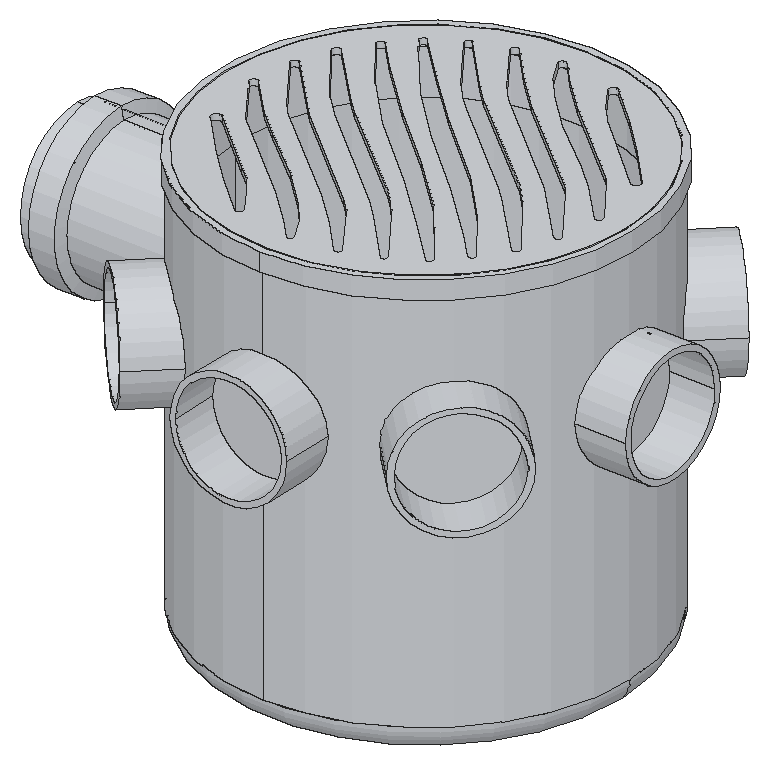
Revit family "Cx_Sifonada_150x150x50_7_Entradas", category Plumbing Fixtures, host Face, Revit 2025
Family settings
  Host = Face
  Round Connector Dimension = Use Radius
  Part Type = Normal
  Enable Cutting in Views = No
  Cut with Voids When Loaded = No
  Maintain Annotation Orientation = No
  Shared = No
  Room Calculation Point = No
Parameters (values of type "Grelha e porta grelha redondos brancos - DN 150 x 150 x 50")
  URL = "http://www.tigre.com.br"
  UHC [instance] = 2
  Tigre: Sistema = "Esgoto"  # constant formula
  Tigre: Norma = ""
  Tigre: Material = "Branco"
  Tigre: Marcador [instance] = "00"
  Tigre: Link do Produto = "http://www.tigre.com.br/pt/produtos_unico.php?rcr_id=4&cpr_id=10&cpr_id_pai=4&lnh_id=11&prd_id=125"
  Tigre: Linha = "Caixas e Ralos"  # constant formula
  Tigre: Fabricante = "© Tigre S/A"  # constant formula
  Tigre: Descrição = "Caixa Sifonada Montada c/ Grelha e Porta Grelha, redondos brancos, (com 7 entradas) 150 x 150 x 50mm, Esgoto - TIGRE"
  Tigre: Código com Separador [instance] = "27.06.853.7"
  Tigre: Código = 27068537
  Tigre: Comentários [instance] = ""
  Raio do Corpo = 77.10 mm  # constant formula
  Raio Interno Porta Grelha = 48.70 mm
  Raio Externo Porta Grelha = 53.50 mm
  Raio do Anel = 31.40 mm
  Raio Nominal 2 = Diâmetro Nominal 2 / 2  # 20.00 mm
  Raio Nominal 1 = Diâmetro Nominal 1 / 2  # 25.00 mm
  Raio Externo 2 = Raio Nominal 2 + 2.00 mm  # 22.00 mm
  Raio Externo 1 = Raio Nominal 1 + 2.00 mm  # 27.00 mm
  Prolongador. [instance] = none
  Prolongador [instance] = Distância do Prolongador > 0.00 mm  # no
  Porta Grelha Redonda = yes
  Porta Grelha Quadrada = no
  Porta Grelha [instance] = none
  Model = ""
  Manufacturer = Tigre: Fabricante  # "© Tigre S/A"
  Grelha Redonda = yes
  Grelha Quadrada = no
  Grelha [instance] = none
  Diâmetro Nominal 2 = 40.00 mm
  Diâmetro Nominal 1 = 50.00 mm
  Description = Tigre: Descrição  # "Caixa Sifonada Montada c/ Grelha e Porta Grelha, redondos brancos, (com 7 entradas) 150 x 150 x 50mm, Esgoto - TIGRE"
  Default Elevation = 0.00 mm
  Cota L1 = 131.50 mm
  Distância do Prolongador [instance] = 0.00 mm
  Cota B = 105.00 mm  # constant formula
  Cota A = 155.00 mm  # constant formula
  Comprimento do Tubo [instance] = if(Distância do Prolongador > 0.00 mm, Distância do Prolongador + 15.00 mm, Distância do Prolongador + 1.00 mm)  # 1.00 mm
  Caixas e Ralos [instance] = none
  Anel = 10.00 mm
Reference planes
  plane 1 "Center (Front/Back)": y = 0
  plane 2: z = 0
  plane 3 "Center (Left/Right)": x = 0
  plane 4: z = -162
  plane 5: z = -7
  plane 6: z = -57
  plane 7: z = -7
Forms (mm)
  Sweep 1, solid, material <- "Caixas e Ralos", detail levels fine
    path origin (0, 0, 0) x (1, 0, 0) y (0, 0, 1)
      loop
        line (0, -7) -> (0, -152)
    profile origin (0, 0, -79.5) x (0, -1, 0) y (1, 0, 0)
      loop
        circle (0, 0) r 77.1
  Revolve 2, solid, material <- "Caixas e Ralos", detail levels fine
    sketch origin (0, 0, 0) x (1, 0, 0) y (0, 0, 1)
      loop
        line (0, -152) -> (-77.1, -152)
        arc (-77.1, -152) -> (-74.171, -159.071) -> (-67.1, -162) r 10
        line (-67.1, -162) -> (0, -162) -> (0, -152)
      axis (0, -152) -> (0, -162)
    angle from 0 to 360
  Sweep 3, solid, material <- "Caixas e Ralos", detail levels fine
    path origin (0, 0, 0) x (1, 0, 0) y (0, 0, 1)
      loop
        line (0, -57) -> (-131.5, -57)
    profile origin (-65.75, 0, -57) x (0, 0, -1) y (0, -1, 0)
      loop
        circle (0, 0) r 27
  Sweep 4, solid, material <- "Caixas e Ralos", detail levels fine
    path origin (-107.8, -4572, -57) x (0, -1, 0) y (1, 0, 0)
      loop
        line (-4665.138, 107.8) -> (-4478.862, 107.8)
    profile origin (0, 0, -57) x (1, 0, 0) y (0, 0, 1)
      loop
        circle (0, 0) r 22
  Sweep 5, solid, material <- "Caixas e Ralos", detail levels fine
    path origin (-107.8, -4572, -57) x (0, -1, 0) y (1, 0, 0)
      loop
        line (-4572, 107.8) -> (-4572, 200.938)
    profile origin (46.569, 0, -57) x (0, 1, 0) y (0, 0, 1)
      loop
        circle (0, 0) r 22
  SweptBlend 6, solid, material <- "Caixas e Ralos", detail levels fine
    path origin (0, 0, 0) x (1, 0, 0) y (0, 0, 1)
      loop
        line (-126.261, -57) -> (-124.921, -57)
    profile origin (-126.261, 0, -57) x (0, 0, 1) y (0, -1, 0)
      loop
        circle (0, 0) r 27
    end profile origin (-124.921, 0, -57) x (0, 0, 1) y (0, -1, 0)
      loop
        circle (0, 0) r 31.4
  Sweep 7, solid, material <- "Caixas e Ralos", detail levels fine
    path origin (0, 0, 0) x (1, 0, 0) y (0, 0, 1)
      loop
        line (-124.921, -57) -> (-114.921, -57)
    profile origin (-119.921, 0, -57) x (0, 0, 1) y (0, -1, 0)
      loop
        circle (0, 0) r 31.4
  SweptBlend 8, solid, material <- "Caixas e Ralos", detail levels fine
    path origin (0, 0, 0) x (1, 0, 0) y (0, 0, 1)
      loop
        line (-114.921, -57) -> (-113.987, -57)
    profile origin (-114.921, 0, -57) x (0, 0, 1) y (0, -1, 0)
      loop
        circle (0, 0) r 31.4
    end profile origin (-113.987, 0, -57) x (0, 0, 1) y (0, -1, 0)
      loop
        circle (0, 0) r 27
  Sweep 9, solid, material <- "Caixas e Ralos", detail levels fine
    path origin (3156.666, -3309.118, -57) x (0.707107, -0.707107, 0) y (0.707107, 0.707107, 0)
      loop
        line (-4665.138, 107.8) -> (-4478.862, 107.8)
    profile origin (0, 0, -57) x (0.707107, 0.707107, 0) y (0, 0, 1)
      loop
        circle (0, 0) r 22
  Sweep 10, solid, material <- "Caixas e Ralos", detail levels fine
    path origin (-3156.666, -3309.118, -57) x (0.707107, 0.707107, 0) y (-0.707107, 0.707107, 0)
      loop
        line (4665.138, 107.8) -> (4478.862, 107.8)
    profile origin (0, 0, -57) x (0.707107, -0.707107, 0) y (0, 0, 1)
      loop
        circle (0, 0) r 22
  Sweep 11, void
    path origin (0, 0, 0) x (1, 0, 0) y (0, 0, 1)
      loop
        line (0, -152) -> (0, -7)
    profile origin (0, 0, -79.5) x (-1, 0, 0) y (0, -1, 0)
      loop
        circle (0, 0) r 72.3
  Extrusion 12, solid, material <- "Grelha", visible <- "Grelha Quadrada", detail levels fine
    sketch origin (-107.8, -4572, -57) x (0, -1, 0) y (-1, 0, 0)
      loop
        line (-4635.57, -129.537) -> (-4623.132, -143.846)
        arc (-4623.132, -143.846) -> (-4617.701, -149.772) -> (-4611.967, -155.407) r 153.546
        line (-4611.967, -155.407) -> (-4596.416, -169.908)
        arc (-4596.416, -169.908) -> (-4593.759, -169.817) -> (-4593.848, -167.159) r 1.881
        arc (-4593.848, -167.159) -> (-4604.41, -156.19) -> (-4613.78, -144.185) r 146.863
        arc (-4613.78, -144.185) -> (-4618.668, -138.359) -> (-4624.494, -133.471) r 43.63
        line (-4624.494, -133.471) -> (-4633.46, -127.193)
        arc (-4633.46, -127.193) -> (-4635.552, -127.431) -> (-4635.57, -129.537) r 1.589
      loop
        line (-4638.58, -107.748) -> (-4631.247, -114.587)
        arc (-4631.247, -114.587) -> (-4625.259, -120.523) -> (-4619.645, -126.813) r 138.047
        line (-4619.645, -126.813) -> (-4592.301, -159.4)
        arc (-4592.301, -159.4) -> (-4591.39, -160.367) -> (-4590.373, -161.222) r 11.498
        line (-4590.373, -161.222) -> (-4572.687, -174.43)
        arc (-4572.687, -174.43) -> (-4570.564, -174.191) -> (-4570.669, -172.058) r 1.56
        line (-4570.669, -172.058) -> (-4584.395, -158.803)
        arc (-4584.395, -158.803) -> (-4588.663, -154.319) -> (-4592.541, -149.492) r 73.631
        arc (-4592.541, -149.492) -> (-4600.166, -139.572) -> (-4608.196, -129.978) r 301.507
        arc (-4608.196, -129.978) -> (-4614.319, -123.269) -> (-4620.734, -116.837) r 205.267
        arc (-4620.734, -116.837) -> (-4628.399, -110.501) -> (-4636.914, -105.363) r 67.329
        arc (-4636.914, -105.363) -> (-4638.782, -105.832) -> (-4638.58, -107.748) r 1.469
      loop
        line (-4636.203, -91.599) -> (-4624.161, -102.828)
        arc (-4624.161, -102.828) -> (-4618.056, -108.88) -> (-4612.333, -115.292) r 140.737
        line (-4612.333, -115.292) -> (-4580.734, -152.95)
        arc (-4580.734, -152.95) -> (-4579.007, -154.782) -> (-4577.081, -156.402) r 21.79
        line (-4577.081, -156.402) -> (-4556.115, -172.06)
        arc (-4556.115, -172.06) -> (-4554.165, -171.84) -> (-4554.261, -169.88) r 1.434
        line (-4554.261, -169.88) -> (-4575.315, -149.549)
        arc (-4575.315, -149.549) -> (-4576.062, -148.788) -> (-4576.769, -147.989) r 20.373
        line (-4576.769, -147.989) -> (-4609.872, -108.539)
        arc (-4609.872, -108.539) -> (-4612.813, -105.439) -> (-4616.111, -102.721) r 35
        line (-4616.111, -102.721) -> (-4634.411, -89.425)
        arc (-4634.411, -89.425) -> (-4636.329, -89.669) -> (-4636.203, -91.599) r 1.411
      loop
        line (-4630.998, -78.26) -> (-4612.593, -95.423)
        arc (-4612.593, -95.423) -> (-4609.307, -98.68) -> (-4606.227, -102.131) r 75.748
        line (-4606.227, -102.131) -> (-4572.107, -142.793)
        arc (-4572.107, -142.793) -> (-4568.538, -146.621) -> (-4564.588, -150.054) r 50
        line (-4564.588, -150.054) -> (-4542.866, -167.026)
        arc (-4542.866, -167.026) -> (-4540.643, -166.812) -> (-4540.741, -164.581) r 1.622
        line (-4540.741, -164.581) -> (-4563.119, -142.971)
        arc (-4563.119, -142.971) -> (-4565.23, -140.822) -> (-4567.226, -138.566) r 57.539
        line (-4567.226, -138.566) -> (-4598.505, -101.29)
        arc (-4598.505, -101.29) -> (-4603.519, -95.971) -> (-4609.113, -91.266) r 63.27
        line (-4609.113, -91.266) -> (-4629.281, -76.204)
        arc (-4629.281, -76.204) -> (-4631.113, -76.419) -> (-4630.998, -78.26) r 1.341
      loop
        line (-4623.825, -67.027) -> (-4609.716, -81.136)
        arc (-4609.716, -81.136) -> (-4600.22, -90.97) -> (-4591.073, -101.128) r 391.639
        line (-4591.073, -101.128) -> (-4567.599, -128.133)
        arc (-4567.599, -128.133) -> (-4559.212, -136.894) -> (-4550.024, -144.81) r 126.391
        line (-4550.024, -144.81) -> (-4531.504, -159.28)
        arc (-4531.504, -159.28) -> (-4529.442, -159.081) -> (-4529.533, -157.012) r 1.505
        line (-4529.533, -157.012) -> (-4539.034, -147.836)
        arc (-4539.034, -147.836) -> (-4548.888, -137.896) -> (-4558.298, -127.536) r 320.792
        line (-4558.298, -127.536) -> (-4578.823, -103.925)
        arc (-4578.823, -103.925) -> (-4596.95, -85.195) -> (-4616.971, -68.504) r 244.018
        line (-4616.971, -68.504) -> (-4621.911, -64.815)
        arc (-4621.911, -64.815) -> (-4623.897, -65.03) -> (-4623.825, -67.027) r 1.466
      loop
        line (-4508.43, -86.063) -> (-4520.868, -71.754)
        arc (-4520.868, -71.754) -> (-4526.299, -65.828) -> (-4532.033, -60.193) r 153.546
        line (-4532.033, -60.193) -> (-4547.584, -45.692)
        arc (-4547.584, -45.692) -> (-4550.241, -45.783) -> (-4550.152, -48.441) r 1.881
        arc (-4550.152, -48.441) -> (-4539.59, -59.41) -> (-4530.22, -71.415) r 146.863
        arc (-4530.22, -71.415) -> (-4525.332, -77.241) -> (-4519.506, -82.129) r 43.63
        line (-4519.506, -82.129) -> (-4510.54, -88.407)
        arc (-4510.54, -88.407) -> (-4508.448, -88.169) -> (-4508.43, -86.063) r 1.589
      loop
        line (-4505.42, -107.852) -> (-4512.753, -101.013)
        arc (-4512.753, -101.013) -> (-4518.741, -95.077) -> (-4524.355, -88.787) r 138.047
        line (-4524.355, -88.787) -> (-4551.699, -56.2)
        arc (-4551.699, -56.2) -> (-4552.61, -55.233) -> (-4553.627, -54.378) r 11.498
        line (-4553.627, -54.378) -> (-4571.313, -41.17)
        arc (-4571.313, -41.17) -> (-4573.436, -41.409) -> (-4573.331, -43.542) r 1.56
        line (-4573.331, -43.542) -> (-4559.605, -56.797)
        arc (-4559.605, -56.797) -> (-4555.337, -61.281) -> (-4551.459, -66.108) r 73.631
        arc (-4551.459, -66.108) -> (-4543.834, -76.028) -> (-4535.804, -85.622) r 301.507
        arc (-4535.804, -85.622) -> (-4529.681, -92.331) -> (-4523.266, -98.763) r 205.267
        arc (-4523.266, -98.763) -> (-4515.601, -105.099) -> (-4507.086, -110.237) r 67.329
        arc (-4507.086, -110.237) -> (-4505.218, -109.768) -> (-4505.42, -107.852) r 1.469
      loop
        line (-4507.797, -124.001) -> (-4519.839, -112.772)
        arc (-4519.839, -112.772) -> (-4525.944, -106.72) -> (-4531.667, -100.308) r 140.737
        line (-4531.667, -100.308) -> (-4563.266, -62.65)
        arc (-4563.266, -62.65) -> (-4564.993, -60.818) -> (-4566.919, -59.198) r 21.79
        line (-4566.919, -59.198) -> (-4587.885, -43.54)
        arc (-4587.885, -43.54) -> (-4589.835, -43.76) -> (-4589.739, -45.72) r 1.434
        line (-4589.739, -45.72) -> (-4568.685, -66.051)
        arc (-4568.685, -66.051) -> (-4567.938, -66.812) -> (-4567.231, -67.611) r 20.373
        line (-4567.231, -67.611) -> (-4534.128, -107.061)
        arc (-4534.128, -107.061) -> (-4531.187, -110.161) -> (-4527.889, -112.879) r 35
        line (-4527.889, -112.879) -> (-4509.589, -126.175)
        arc (-4509.589, -126.175) -> (-4507.671, -125.931) -> (-4507.797, -124.001) r 1.411
      loop
        line (-4513.002, -137.34) -> (-4531.407, -120.177)
        arc (-4531.407, -120.177) -> (-4534.693, -116.92) -> (-4537.773, -113.469) r 75.748
        line (-4537.773, -113.469) -> (-4571.893, -72.807)
        arc (-4571.893, -72.807) -> (-4575.462, -68.979) -> (-4579.412, -65.546) r 50
        line (-4579.412, -65.546) -> (-4601.134, -48.574)
        arc (-4601.134, -48.574) -> (-4603.357, -48.788) -> (-4603.259, -51.019) r 1.622
        line (-4603.259, -51.019) -> (-4580.881, -72.629)
        arc (-4580.881, -72.629) -> (-4578.77, -74.778) -> (-4576.774, -77.034) r 57.539
        line (-4576.774, -77.034) -> (-4545.495, -114.31)
        arc (-4545.495, -114.31) -> (-4540.481, -119.629) -> (-4534.887, -124.334) r 63.27
        line (-4534.887, -124.334) -> (-4514.719, -139.396)
        arc (-4514.719, -139.396) -> (-4512.887, -139.181) -> (-4513.002, -137.34) r 1.341
      loop
        line (-4520.175, -148.573) -> (-4534.284, -134.464)
        arc (-4534.284, -134.464) -> (-4543.78, -124.63) -> (-4552.927, -114.472) r 391.639
        line (-4552.927, -114.472) -> (-4576.401, -87.467)
        arc (-4576.401, -87.467) -> (-4584.788, -78.706) -> (-4593.976, -70.79) r 126.391
        line (-4593.976, -70.79) -> (-4612.496, -56.32)
        arc (-4612.496, -56.32) -> (-4614.558, -56.519) -> (-4614.467, -58.588) r 1.505
        line (-4614.467, -58.588) -> (-4604.966, -67.764)
        arc (-4604.966, -67.764) -> (-4595.112, -77.704) -> (-4585.702, -88.064) r 320.792
        line (-4585.702, -88.064) -> (-4565.177, -111.675)
        arc (-4565.177, -111.675) -> (-4547.05, -130.405) -> (-4527.029, -147.096) r 244.018
        line (-4527.029, -147.096) -> (-4522.089, -150.785)
        arc (-4522.089, -150.785) -> (-4520.103, -150.57) -> (-4520.175, -148.573) r 1.466
      loop
        line (-4647.15, -32.65) -> (-4647.15, -182.95) -> (-4496.85, -182.95) -> (-4496.85, -32.65) -> (-4647.15, -32.65)
    from -57 to -55
  Extrusion 13, solid, material <- "Grelha", visible <- "Grelha Redonda", detail levels fine
    sketch origin (-107.8, -4572, -57) x (0, -1, 0) y (-1, 0, 0)
      loop
        line (-4635.601, -129.682) -> (-4623.163, -143.991)
        arc (-4623.163, -143.991) -> (-4617.732, -149.918) -> (-4611.999, -155.552) r 153.546
        line (-4611.999, -155.552) -> (-4596.448, -170.054)
        arc (-4596.448, -170.054) -> (-4593.79, -169.962) -> (-4593.879, -167.305) r 1.881
        arc (-4593.879, -167.305) -> (-4604.441, -156.335) -> (-4613.811, -144.331) r 146.863
        arc (-4613.811, -144.331) -> (-4618.699, -138.505) -> (-4624.525, -133.616) r 43.63
        line (-4624.525, -133.616) -> (-4633.491, -127.338)
        arc (-4633.491, -127.338) -> (-4635.583, -127.577) -> (-4635.601, -129.682) r 1.589
      loop
        line (-4638.611, -107.894) -> (-4631.278, -114.732)
        arc (-4631.278, -114.732) -> (-4625.29, -120.668) -> (-4619.676, -126.958) r 138.047
        line (-4619.676, -126.958) -> (-4592.332, -159.545)
        arc (-4592.332, -159.545) -> (-4591.421, -160.512) -> (-4590.404, -161.367) r 11.498
        line (-4590.404, -161.367) -> (-4572.718, -174.576)
        arc (-4572.718, -174.576) -> (-4570.596, -174.336) -> (-4570.7, -172.203) r 1.56
        line (-4570.7, -172.203) -> (-4584.426, -158.948)
        arc (-4584.426, -158.948) -> (-4588.695, -154.464) -> (-4592.572, -149.637) r 73.631
        arc (-4592.572, -149.637) -> (-4600.197, -139.718) -> (-4608.227, -130.123) r 301.507
        arc (-4608.227, -130.123) -> (-4614.351, -123.414) -> (-4620.765, -116.982) r 205.267
        arc (-4620.765, -116.982) -> (-4628.43, -110.646) -> (-4636.945, -105.508) r 67.329
        arc (-4636.945, -105.508) -> (-4638.814, -105.978) -> (-4638.611, -107.894) r 1.469
      loop
        line (-4636.234, -91.744) -> (-4624.192, -102.973)
        arc (-4624.192, -102.973) -> (-4618.088, -109.025) -> (-4612.364, -115.438) r 140.737
        line (-4612.364, -115.438) -> (-4580.766, -153.095)
        arc (-4580.766, -153.095) -> (-4579.039, -154.927) -> (-4577.112, -156.547) r 21.79
        line (-4577.112, -156.547) -> (-4556.147, -172.205)
        arc (-4556.147, -172.205) -> (-4554.196, -171.985) -> (-4554.292, -170.025) r 1.434
        line (-4554.292, -170.025) -> (-4575.346, -149.694)
        arc (-4575.346, -149.694) -> (-4576.094, -148.933) -> (-4576.8, -148.134) r 20.373
        line (-4576.8, -148.134) -> (-4609.903, -108.684)
        arc (-4609.903, -108.684) -> (-4612.844, -105.584) -> (-4616.142, -102.866) r 35
        line (-4616.142, -102.866) -> (-4634.442, -89.57)
        arc (-4634.442, -89.57) -> (-4636.361, -89.814) -> (-4636.234, -91.744) r 1.411
      loop
        line (-4631.029, -78.405) -> (-4612.624, -95.568)
        arc (-4612.624, -95.568) -> (-4609.339, -98.825) -> (-4606.258, -102.277) r 75.748
        line (-4606.258, -102.277) -> (-4572.139, -142.939)
        arc (-4572.139, -142.939) -> (-4568.569, -146.766) -> (-4564.619, -150.2) r 50
        line (-4564.619, -150.2) -> (-4542.897, -167.171)
        arc (-4542.897, -167.171) -> (-4540.675, -166.957) -> (-4540.772, -164.726) r 1.622
        line (-4540.772, -164.726) -> (-4563.15, -143.116)
        arc (-4563.15, -143.116) -> (-4565.262, -140.967) -> (-4567.258, -138.711) r 57.539
        line (-4567.258, -138.711) -> (-4598.536, -101.435)
        arc (-4598.536, -101.435) -> (-4603.55, -96.116) -> (-4609.144, -91.411) r 63.27
        line (-4609.144, -91.411) -> (-4629.312, -76.35)
        arc (-4629.312, -76.35) -> (-4631.144, -76.564) -> (-4631.029, -78.405) r 1.341
      loop
        line (-4623.857, -67.172) -> (-4609.747, -81.281)
        arc (-4609.747, -81.281) -> (-4600.251, -91.115) -> (-4591.104, -101.274) r 391.639
        line (-4591.104, -101.274) -> (-4567.63, -128.278)
        arc (-4567.63, -128.278) -> (-4559.243, -137.039) -> (-4550.055, -144.956) r 126.391
        line (-4550.055, -144.956) -> (-4531.535, -159.425)
        arc (-4531.535, -159.425) -> (-4529.473, -159.227) -> (-4529.564, -157.157) r 1.505
        line (-4529.564, -157.157) -> (-4539.066, -147.981)
        arc (-4539.066, -147.981) -> (-4548.919, -138.041) -> (-4558.33, -127.681) r 320.792
        line (-4558.33, -127.681) -> (-4578.854, -104.071)
        arc (-4578.854, -104.071) -> (-4596.981, -85.34) -> (-4617.003, -68.65) r 244.018
        line (-4617.003, -68.65) -> (-4621.942, -64.961)
        arc (-4621.942, -64.961) -> (-4623.929, -65.176) -> (-4623.857, -67.172) r 1.466
      loop
        line (-4508.461, -86.208) -> (-4520.899, -71.9)
        arc (-4520.899, -71.9) -> (-4526.33, -65.973) -> (-4532.064, -60.338) r 153.546
        line (-4532.064, -60.338) -> (-4547.615, -45.837)
        arc (-4547.615, -45.837) -> (-4550.272, -45.928) -> (-4550.183, -48.586) r 1.881
        arc (-4550.183, -48.586) -> (-4539.621, -59.556) -> (-4530.252, -71.56) r 146.863
        arc (-4530.252, -71.56) -> (-4525.363, -77.386) -> (-4519.537, -82.275) r 43.63
        line (-4519.537, -82.275) -> (-4510.572, -88.552)
        arc (-4510.572, -88.552) -> (-4508.479, -88.314) -> (-4508.461, -86.208) r 1.589
      loop
        line (-4505.451, -107.997) -> (-4512.784, -101.159)
        arc (-4512.784, -101.159) -> (-4518.772, -95.223) -> (-4524.387, -88.932) r 138.047
        line (-4524.387, -88.932) -> (-4551.731, -56.345)
        arc (-4551.731, -56.345) -> (-4552.642, -55.379) -> (-4553.658, -54.524) r 11.498
        line (-4553.658, -54.524) -> (-4571.344, -41.315)
        arc (-4571.344, -41.315) -> (-4573.467, -41.554) -> (-4573.362, -43.688) r 1.56
        line (-4573.362, -43.688) -> (-4559.637, -56.942)
        arc (-4559.637, -56.942) -> (-4555.368, -61.427) -> (-4551.491, -66.254) r 73.631
        arc (-4551.491, -66.254) -> (-4543.865, -76.173) -> (-4535.835, -85.767) r 301.507
        arc (-4535.835, -85.767) -> (-4529.712, -92.477) -> (-4523.298, -98.909) r 205.267
        arc (-4523.298, -98.909) -> (-4515.632, -105.245) -> (-4507.118, -110.382) r 67.329
        arc (-4507.118, -110.382) -> (-4505.249, -109.913) -> (-4505.451, -107.997) r 1.469
      loop
        line (-4507.828, -124.147) -> (-4519.87, -112.917)
        arc (-4519.87, -112.917) -> (-4525.975, -106.866) -> (-4531.699, -100.453) r 140.737
        line (-4531.699, -100.453) -> (-4563.297, -62.795)
        arc (-4563.297, -62.795) -> (-4565.024, -60.963) -> (-4566.95, -59.343) r 21.79
        line (-4566.95, -59.343) -> (-4587.916, -43.685)
        arc (-4587.916, -43.685) -> (-4589.866, -43.905) -> (-4589.77, -45.866) r 1.434
        line (-4589.77, -45.866) -> (-4568.717, -66.197)
        arc (-4568.717, -66.197) -> (-4567.969, -66.957) -> (-4567.262, -67.756) r 20.373
        line (-4567.262, -67.756) -> (-4534.16, -107.206)
        arc (-4534.16, -107.206) -> (-4531.218, -110.306) -> (-4527.921, -113.024) r 35
        line (-4527.921, -113.024) -> (-4509.62, -126.32)
        arc (-4509.62, -126.32) -> (-4507.702, -126.076) -> (-4507.828, -124.147) r 1.411
      loop
        line (-4513.033, -137.485) -> (-4531.438, -120.323)
        arc (-4531.438, -120.323) -> (-4534.724, -117.065) -> (-4537.805, -113.614) r 75.748
        line (-4537.805, -113.614) -> (-4571.924, -72.952)
        arc (-4571.924, -72.952) -> (-4575.493, -69.124) -> (-4579.443, -65.691) r 50
        line (-4579.443, -65.691) -> (-4601.165, -48.719)
        arc (-4601.165, -48.719) -> (-4603.388, -48.933) -> (-4603.291, -51.164) r 1.622
        line (-4603.291, -51.164) -> (-4580.912, -72.775)
        arc (-4580.912, -72.775) -> (-4578.801, -74.923) -> (-4576.805, -77.179) r 57.539
        line (-4576.805, -77.179) -> (-4545.527, -114.455)
        arc (-4545.527, -114.455) -> (-4540.512, -119.774) -> (-4534.918, -124.479) r 63.27
        line (-4534.918, -124.479) -> (-4514.751, -139.541)
        arc (-4514.751, -139.541) -> (-4512.919, -139.326) -> (-4513.033, -137.485) r 1.341
      loop
        line (-4520.206, -148.718) -> (-4534.315, -134.609)
        arc (-4534.315, -134.609) -> (-4543.811, -124.776) -> (-4552.958, -114.617) r 391.639
        line (-4552.958, -114.617) -> (-4576.433, -87.612)
        arc (-4576.433, -87.612) -> (-4584.819, -78.852) -> (-4594.007, -70.935) r 126.391
        line (-4594.007, -70.935) -> (-4612.527, -56.465)
        arc (-4612.527, -56.465) -> (-4614.589, -56.664) -> (-4614.499, -58.733) r 1.505
        line (-4614.499, -58.733) -> (-4604.997, -67.909)
        arc (-4604.997, -67.909) -> (-4595.143, -77.849) -> (-4585.733, -88.209) r 320.792
        line (-4585.733, -88.209) -> (-4565.208, -111.82)
        arc (-4565.208, -111.82) -> (-4547.081, -130.551) -> (-4527.06, -147.241) r 244.018
        line (-4527.06, -147.241) -> (-4522.12, -150.93)
        arc (-4522.12, -150.93) -> (-4520.134, -150.715) -> (-4520.206, -148.718) r 1.466
      loop
        circle (-4571.987, -107.787) r 75.65
    from -57 to -55
  Sweep 14, solid, material <- "Porta Grelha", visible <- "Porta Grelha Redonda", detail levels fine
    path origin (0, 0, 0) x (1, 0, 0) y (0, 0, 1)
      loop
        line (0.107, 0) -> (0.107, -7)
    profile origin (0.107, 0, -3.5) x (0, -1, 0) y (1, 0, 0)
      loop
        circle (0, -0.107) r 78.25
      loop
        circle (0, -0.107) r 75.8
  Revolve 15, solid, material <- "Porta Grelha", visible <- "Porta Grelha Redonda", detail levels fine
    sketch origin (0, 0, 0) x (1, 0, 0) y (0, 0, 1)
      loop
        line (-71, -22) -> (-71, -4.7) -> (-75.8, -4.7) -> (-75.8, -7) -> (-73.7, -7) -> (-73.7, -22) -> (-71, -22)
      axis (0, -22) -> (0, -4.7)
    angle from 0 to 360
  Extrusion 16, solid, material <- "Porta Grelha", visible <- "Porta Grelha Quadrada", detail levels fine
    sketch origin (-107.8, -4572, -57) x (0, -1, 0) y (-1, 0, 0)
      loop
        line (-4649.75, -30.05) -> (-4649.75, -185.55) -> (-4494.25, -185.55) -> (-4494.25, -30.05) -> (-4649.75, -30.05)
      loop
        line (-4496.6, -183.2) -> (-4496.6, -32.4) -> (-4647.4, -32.4) -> (-4647.4, -183.2) -> (-4496.6, -183.2)
    from -57 to -50
  Extrusion 17, solid, material <- "Porta Grelha", visible <- "Porta Grelha Quadrada", detail levels fine
    sketch origin (-107.8, -4572, -57) x (0, -1, 0) y (-1, 0, 0)
      loop
        line (-4647.4, -32.4) -> (-4647.4, -183.2) -> (-4496.6, -183.2) -> (-4496.6, -32.4) -> (-4647.4, -32.4)
      loop
        circle (-4572, -107.8) r 71
    from -52.3 to -50
  Sweep 18, void
    path origin (-107.8, -4572, -57) x (0, -1, 0) y (1, 0, 0)
      loop
        line (-4572, -23.7) -> (-4572, 16.3)
    profile origin (-111.5, 0, -57) x (0, 1, 0) y (0, 0, 1)
      loop
        circle (0, 0) r 25
  Sweep 19, void
    path origin (-107.8, -4572, -57) x (0, -1, 0) y (1, 0, 0)
      loop
        line (-4572, 200.938) -> (-4572, 183.6)
    profile origin (84.469, 0, -57) x (0, -1, 0) y (0, 0, 1)
      loop
        circle (0, 0) r 20
  Sweep 20, void
    path origin (3156.666, -3309.118, -57) x (0.707107, -0.707107, 0) y (0.707107, 0.707107, 0)
      loop
        line (-4572, 200.938) -> (-4572, 183.6)
    profile origin (59.729, 59.729, -57) x (0.707107, -0.707107, 0) y (0, 0, 1)
      loop
        circle (0, 0) r 20
  Sweep 21, void
    path origin (4572, -107.8, -57) x (1, 0, 0) y (0, 1, 0)
      loop
        line (-4572, 200.938) -> (-4572, 183.6)
    profile origin (0, 84.469, -57) x (1, 0, 0) y (0, 0, 1)
      loop
        circle (0, 0) r 20
  Sweep 22, void
    path origin (3309.118, 3156.666, -57) x (0.707107, 0.707107, 0) y (-0.707107, 0.707107, 0)
      loop
        line (-4572, 200.938) -> (-4572, 183.6)
    profile origin (-59.729, 59.729, -57) x (0.707107, 0.707107, 0) y (0, 0, 1)
      loop
        circle (0, 0) r 20
  Sweep 23, void
    path origin (3156.666, 3309.118, -57) x (-0.707107, -0.707107, 0) y (0.707107, -0.707107, 0)
      loop
        line (4572, 200.938) -> (4572, 183.6)
    profile origin (59.729, -59.729, -57) x (-0.707107, -0.707107, 0) y (0, 0, 1)
      loop
        circle (0, 0) r 20
  Sweep 24, void
    path origin (4572, 107.8, -57) x (-1, 0, 0) y (0, -1, 0)
      loop
        line (4572, 200.938) -> (4572, 183.6)
    profile origin (0, -84.469, -57) x (-1, 0, 0) y (0, 0, 1)
      loop
        circle (0, 0) r 20
  Sweep 25, void
    path origin (3309.118, -3156.666, -57) x (-0.707107, 0.707107, 0) y (-0.707107, -0.707107, 0)
      loop
        line (4572, 200.938) -> (4572, 183.6)
    profile origin (-59.729, -59.729, -57) x (-0.707107, 0.707107, 0) y (0, 0, 1)
      loop
        circle (0, 0) r 20
Cuts and joins
  Sweep 11, Sweep 18, Sweep 19, Sweep 20, Sweep 21, Sweep 22, Sweep 23, Sweep 24, Sweep 25 cuts Sweep 1
  Sweep 11, Sweep 18, Sweep 19, Sweep 20, Sweep 21, Sweep 22, Sweep 23, Sweep 24, Sweep 25 cuts Revolve 2
  Sweep 11, Sweep 18, Sweep 19, Sweep 20, Sweep 21, Sweep 22, Sweep 23, Sweep 24, Sweep 25 cuts Sweep 3
  Sweep 11, Sweep 18, Sweep 19, Sweep 20, Sweep 21, Sweep 22, Sweep 23, Sweep 24, Sweep 25 cuts Sweep 4
  Sweep 11, Sweep 18, Sweep 19, Sweep 20, Sweep 21, Sweep 22, Sweep 23, Sweep 24, Sweep 25 cuts Sweep 5
  Sweep 11, Sweep 18, Sweep 19, Sweep 20, Sweep 21, Sweep 22, Sweep 23, Sweep 24, Sweep 25 cuts SweptBlend 6
  Sweep 11, Sweep 18, Sweep 19, Sweep 20, Sweep 21, Sweep 22, Sweep 23, Sweep 24, Sweep 25 cuts Sweep 7
  Sweep 11, Sweep 18, Sweep 19, Sweep 20, Sweep 21, Sweep 22, Sweep 23, Sweep 24, Sweep 25 cuts SweptBlend 8
  Sweep 11, Sweep 18, Sweep 19, Sweep 20, Sweep 21, Sweep 22, Sweep 23, Sweep 24, Sweep 25 cuts Sweep 9
  Sweep 11, Sweep 18, Sweep 19, Sweep 20, Sweep 21, Sweep 22, Sweep 23, Sweep 24, Sweep 25 cuts Sweep 10
  joined: Sweep 1, Revolve 2, Sweep 3, Sweep 4, Sweep 5, SweptBlend 6, Sweep 7, SweptBlend 8, Sweep 9, Sweep 10
  joined: Extrusion 16, Extrusion 17
Lines and regions (mm)
  model lines, detail levels coarse+medium
    curve 1: line (-91.5, 0, -57) -> (-40, 0, -57)
    curve 2: line (0, 75.8, -57) -> (0, 40, -57)
    curve 3: line (-22, 75.8, -57) -> (22, 75.8, -57)
    curve 4: line (93.138, 22, -57) -> (93.138, -22, -57)
    curve 5: line (-22, -75.8, -57) -> (22, -75.8, -57)
    curve 6: line (-91.5, 22, -57) -> (-91.5, -22, -57)
    curve 7: circle (0, 0, -57) r 40 normal (0, 0, -1)
    curve 8: line (40, 0, -57) -> (93.138, 0, -57)
    curve 9: line (0, -75.8, -57) -> (0, -40, -57)
    curve 10: line (-53.599, 53.599, -57) -> (-28.284, 28.284, -57)
    curve 11: line (-69.155, 38.042, -57) -> (-38.042, 69.155, -57)
    curve 12: line (-53.599, -53.599, -57) -> (-28.284, -28.284, -57)
    curve 13: line (-69.155, -38.042, -57) -> (-38.042, -69.155, -57)
    curve 14: line (53.599, -53.599, -57) -> (28.284, -28.284, -57)
    curve 15: line (69.155, -38.042, -57) -> (38.042, -69.155, -57)
    curve 16: line (53.599, 53.599, -57) -> (28.284, 28.284, -57)
    curve 17: line (69.155, 38.042, -57) -> (38.042, 69.155, -57)
Dimensions and locks
  "Cota A": plane 5 to plane 4
  "Cota B": plane 6 to plane 4
  Sweep 1 to plane 4 = 10.00 mm
  "Cota L1": plane 3 "Center (Left/Right)" to Sweep 3 sketch curve
  plane 3 "Center (Left/Right)" to Sweep 5 sketch curve = 93.138 mm
  locked: SweptBlend 6 sketch curve to SweptBlend 6 sketch curve at 1.34
  "Anel": Sweep 7 sketch curve to Sweep 7 sketch curve
  locked: SweptBlend 8 sketch curve to SweptBlend 8 sketch curve at 0.934
  "Raio do Corpo": plane 3 "Center (Left/Right)" to Revolve 2 sketch curve
  Sweep 11 sketch curve to plane 4 = 10.00 mm
  locked: level to plane 7 at 7
  locked: level to Extrusion 12 at 2
  Revolve 15 sketch curve to plane 7 to Revolve 15 sketch curve = 2.30 mm locked, 15.00 mm locked
  "Distância do Prolongador": plane 7 to plane 5
  "Raio do Corpo": radius of Sweep 1 sketch curve
  "Raio Externo 2": radius of Sweep 4 sketch curve
  "Raio Externo 2": radius of Sweep 5 sketch curve
  "Raio Externo 1": radius of Sweep 3 sketch curve
  "Raio do Anel": radius of SweptBlend 6 sketch curve
  "Raio Externo 1": radius of SweptBlend 8 sketch curve
  "Raio Externo 2": radius of Sweep 9 sketch curve
  "Raio Externo 2": radius of Sweep 10 sketch curve
  "Raio Nominal 1": radius of Sweep 18 sketch curve
  "Raio Nominal 2": radius of Sweep 19 sketch curve
  "Raio Nominal 2": radius of Sweep 20 sketch curve
  "Raio Nominal 2": radius of Sweep 21 sketch curve
  "Raio Nominal 2": radius of Sweep 22 sketch curve
  "Raio Nominal 2": radius of Sweep 23 sketch curve
  "Raio Nominal 2": radius of Sweep 24 sketch curve
  "Raio Nominal 2": radius of Sweep 25 sketch curve
  aligned and locked: plane 2 to host face
  aligned and locked: level to host face
  aligned and locked: plane 5 to Sweep 1 sketch curve
  aligned and locked: Sweep 1 sketch curve to plane 3 "Center (Left/Right)"
  aligned and locked: Revolve 2 sketch curve to plane 3 "Center (Left/Right)"  (x2)
  aligned and locked: plane 4 to Revolve 2 sketch curve
  aligned and locked: Revolve 2 sketch curve to plane 4
  aligned and locked: Sweep 4 sketch curve to plane 3 "Center (Left/Right)"
  aligned and locked: plane 1 "Center (Front/Back)" to Sweep 5 sketch curve
  aligned and locked: plane 3 "Center (Left/Right)" to Sweep 5 sketch curve
  aligned and locked: SweptBlend 6 sketch curve to Sweep 3  (x2)
  aligned and locked: Sweep 3 sketch curve to plane 6
  aligned and locked: plane 6 to SweptBlend 6 sketch curve
  aligned and locked: Sweep 7 to SweptBlend 8 sketch curve
  aligned and locked: SweptBlend 8 sketch curve to Sweep 7  (x2)
  aligned and locked: plane 5 to Sweep 11 sketch curve
  aligned and locked: plane 3 "Center (Left/Right)" to Sweep 11 sketch curve
  aligned and locked: curve 4 to cut or joined group of Sweep 1, Revolve 2, Sweep 3, Sweep 4, Sweep 5, SweptBlend 6, Sweep 7, SweptBlend 8, Sweep 9, Sweep 10, Sweep 11, Sweep 18, Sweep 19, Sweep 20, Sweep 21, Sweep 22, Sweep 23, Sweep 24, Sweep 25
  aligned and locked: Extrusion 12 to level
  aligned and locked: level to Extrusion 13
  aligned and locked: Extrusion 13 to Extrusion 12
  aligned and locked: host face to Sweep 14 sketch curve
  aligned and locked: plane 7 to Sweep 14 sketch curve
  aligned and locked: Revolve 15 sketch curve to plane 7
  aligned and locked: level to Extrusion 16
  aligned and locked: plane 7 to Extrusion 16
  aligned and locked: plane 7 to Extrusion 17
  aligned and locked: Extrusion 17 to Revolve 15
  aligned and locked: plane 7 to nested 1
  aligned and locked: curve 6 to cut or joined group of Sweep 1, Revolve 2, Sweep 3, Sweep 4, Sweep 5, SweptBlend 6, Sweep 7, SweptBlend 8, Sweep 9, Sweep 10, Sweep 11, Sweep 18, Sweep 19, Sweep 20, Sweep 21, Sweep 22, Sweep 23, Sweep 24, Sweep 25
  aligned and locked: curve 17 to cut or joined group of Sweep 1, Revolve 2, Sweep 3, Sweep 4, Sweep 5, SweptBlend 6, Sweep 7, SweptBlend 8, Sweep 9, Sweep 10, Sweep 11, Sweep 18, Sweep 19, Sweep 20, Sweep 21, Sweep 22, Sweep 23, Sweep 24, Sweep 25
  aligned and locked: curve 3 to cut or joined group of Sweep 1, Revolve 2, Sweep 3, Sweep 4, Sweep 5, SweptBlend 6, Sweep 7, SweptBlend 8, Sweep 9, Sweep 10, Sweep 11, Sweep 18, Sweep 19, Sweep 20, Sweep 21, Sweep 22, Sweep 23, Sweep 24, Sweep 25
  aligned and locked: curve 11 to cut or joined group of Sweep 1, Revolve 2, Sweep 3, Sweep 4, Sweep 5, SweptBlend 6, Sweep 7, SweptBlend 8, Sweep 9, Sweep 10, Sweep 11, Sweep 18, Sweep 19, Sweep 20, Sweep 21, Sweep 22, Sweep 23, Sweep 24, Sweep 25
  aligned and locked: curve 13 to cut or joined group of Sweep 1, Revolve 2, Sweep 3, Sweep 4, Sweep 5, SweptBlend 6, Sweep 7, SweptBlend 8, Sweep 9, Sweep 10, Sweep 11, Sweep 18, Sweep 19, Sweep 20, Sweep 21, Sweep 22, Sweep 23, Sweep 24, Sweep 25
  aligned and locked: curve 15 to cut or joined group of Sweep 1, Revolve 2, Sweep 3, Sweep 4, Sweep 5, SweptBlend 6, Sweep 7, SweptBlend 8, Sweep 9, Sweep 10, Sweep 11, Sweep 18, Sweep 19, Sweep 20, Sweep 21, Sweep 22, Sweep 23, Sweep 24, Sweep 25
  aligned and locked: curve 5 to cut or joined group of Sweep 1, Revolve 2, Sweep 3, Sweep 4, Sweep 5, SweptBlend 6, Sweep 7, SweptBlend 8, Sweep 9, Sweep 10, Sweep 11, Sweep 18, Sweep 19, Sweep 20, Sweep 21, Sweep 22, Sweep 23, Sweep 24, Sweep 25
Automatic sketch dimensions
  host sketch curve to host sketch curve = 205.347 mm
  host sketch curve to host sketch curve = 203.078 mm
  plane 4 to Sweep 1 sketch curve = 10.00 mm
  plane 1 "Center (Front/Back)" to Sweep 1 sketch curve = 0.00 mm
  Sweep 1 sketch curve to profile plane = 0.00 mm
  Revolve 2 sketch curve to plane 4 = 0.00 mm
  Revolve 2 sketch curve to Revolve 2 sketch curve = 10.00 mm
  Revolve 2 sketch curve to plane 4 = 7.21 mm
  Sweep 3 sketch curve to plane 3 "Center (Left/Right)" = 0.00 mm
  Sweep 3 sketch curve to plane 1 "Center (Front/Back)" = 0.00 mm
  Sweep 3 sketch curve to profile plane = 0.00 mm
  Sweep 4 sketch curve to plane 1 "Center (Front/Back)" = 93.138 mm
  plane 1 "Center (Front/Back)" to Sweep 4 sketch curve = 93.138 mm
  Sweep 4 sketch curve to plane 6 = 0.00 mm
  profile plane to Sweep 4 sketch curve = 0.00 mm
  plane 6 to Sweep 5 sketch curve = 0.00 mm
  Sweep 5 sketch curve to profile plane = 0.00 mm
  SweptBlend 6 sketch curve to plane 3 "Center (Left/Right)" = 126.261 mm
  SweptBlend 6 sketch curve to plane 1 "Center (Front/Back)" = 0.00 mm
  profile plane to SweptBlend 6 sketch curve = 0.00 mm
  Sweep 7 sketch curve to plane 6 = 0.00 mm
  Sweep 7 sketch curve to plane 3 "Center (Left/Right)" = 124.921 mm
  Sweep 7 sketch curve to Sweep 7 sketch curve = 0.00 mm  (x2)
  Sweep 7 sketch curve to plane 1 "Center (Front/Back)" = 0.00 mm
  profile plane to Sweep 7 sketch curve = 0.00 mm
  Sweep 7 sketch curve to Sweep 7 sketch curve = 31.40 mm
  SweptBlend 8 sketch curve to plane 6 = 0.00 mm
  SweptBlend 8 sketch curve to plane 1 "Center (Front/Back)" = 0.00 mm
  profile plane to SweptBlend 8 sketch curve = 0.00 mm
  curve 2 to plane 3 "Center (Left/Right)" = 0.00 mm
  plane 1 "Center (Front/Back)" to curve 8 = 0.00 mm
  plane 1 "Center (Front/Back)" to curve 1 = 0.00 mm
  plane 1 "Center (Front/Back)" to curve 7 = 0.00 mm
  curve 9 to plane 3 "Center (Left/Right)" = 0.00 mm
  curve 7 to plane 3 "Center (Left/Right)" = 0.00 mm
  curve 3 to curve 11 = 6.645 mm
  curve 3 to curve 17 = 6.645 mm
  curve 11 to curve 10 = 15.556 mm
  curve 17 to curve 16 = 15.556 mm
  curve 10 to curve 11 = 15.556 mm
  curve 16 to curve 17 = 15.556 mm
  curve 10 to plane 1 "Center (Front/Back)" = 28.284 mm
  curve 6 to plane 1 "Center (Front/Back)" = 22.00 mm
  curve 8 to curve 4 = 22.00 mm
  curve 6 to curve 13 = 16.042 mm
  curve 4 to curve 15 = 16.042 mm
  curve 15 to curve 14 = 15.556 mm
  curve 13 to curve 12 = 15.556 mm
  curve 14 to curve 15 = 15.556 mm
  curve 12 to curve 13 = 15.556 mm
  curve 3 to plane 3 "Center (Left/Right)" = 22.00 mm
  curve 5 to plane 3 "Center (Left/Right)" = 22.00 mm
  curve 5 to curve 15 = 16.042 mm
  curve 3 to curve 17 = 16.042 mm
  Sweep 9 sketch curve to plane 1 "Center (Front/Back)" = 65.859 mm
  Sweep 9 sketch curve to plane 3 "Center (Left/Right)" = 65.859 mm
  Sweep 9 sketch curve to Sweep 9 sketch curve = 186.276 mm
  plane 6 to Sweep 9 sketch curve = 0.00 mm
  Sweep 9 sketch curve to profile plane = 0.00 mm
  plane 1 "Center (Front/Back)" to Sweep 10 sketch curve = 65.859 mm
  Sweep 10 sketch curve to plane 3 "Center (Left/Right)" = 65.859 mm
  Sweep 10 sketch curve to Sweep 10 sketch curve = 186.276 mm
  plane 6 to Sweep 10 sketch curve = 0.00 mm
  Sweep 10 sketch curve to profile plane = 0.00 mm
  plane 1 "Center (Front/Back)" to Sweep 11 sketch curve = 0.00 mm
  Sweep 11 sketch curve to profile plane = 0.00 mm
  Extrusion 12 sketch curve to plane 1 "Center (Front/Back)" = 314.647 mm
  Extrusion 12 sketch curve to Extrusion 12 sketch curve = 51.306 mm  (x2)
  Extrusion 12 sketch curve to Extrusion 12 sketch curve = 7.535 mm  (x2)
  Extrusion 12 sketch curve to Extrusion 12 sketch curve = 64.821 mm
  Extrusion 12 sketch curve to Extrusion 12 sketch curve = 0.148 mm  (x2)
  Extrusion 12 sketch curve to Extrusion 12 sketch curve = 37.591 mm
  Extrusion 12 sketch curve to Extrusion 12 sketch curve = 5.251 mm  (x2)
  Extrusion 12 sketch curve to Extrusion 12 sketch curve = 48.354 mm  (x2)
  Extrusion 12 sketch curve to Extrusion 12 sketch curve = 4.445 mm  (x2)
  Extrusion 12 sketch curve to Extrusion 12 sketch curve = 3.091 mm  (x2)
  Extrusion 12 sketch curve to Extrusion 12 sketch curve = 13.729 mm  (x2)
  Extrusion 12 sketch curve to Extrusion 12 sketch curve = 1.004 mm  (x2)
  Extrusion 12 sketch curve to Extrusion 12 sketch curve = 2.37 mm
  Extrusion 12 sketch curve to Extrusion 12 sketch curve = 3.551 mm
  Extrusion 12 sketch curve to plane 3 "Center (Left/Right)" = 0.052 mm
  Extrusion 12 sketch curve to Extrusion 12 sketch curve = 8.393 mm
  Extrusion 12 sketch curve to Extrusion 12 sketch curve = 1.002 mm
  Extrusion 12 sketch curve to Extrusion 12 sketch curve = 0.664 mm  (x2)
  Extrusion 12 sketch curve to Extrusion 12 sketch curve = 0.00 mm  (x12)
  Extrusion 12 sketch curve to Extrusion 12 sketch curve = 12.769 mm  (x2)
  Extrusion 12 sketch curve to Extrusion 12 sketch curve = 10.29 mm  (x2)
  Extrusion 12 sketch curve to plane 3 "Center (Left/Right)" = 16.201 mm
  Extrusion 12 sketch curve to Extrusion 12 sketch curve = 0.711 mm
  Extrusion 12 sketch curve to Extrusion 12 sketch curve = 1.113 mm  (x2)
  Extrusion 12 sketch curve to Extrusion 12 sketch curve = 0.962 mm  (x2)
  Extrusion 12 sketch curve to Extrusion 12 sketch curve = 0.83 mm  (x2)
  Extrusion 12 sketch curve to Extrusion 12 sketch curve = 1.199 mm  (x2)
  plane 3 "Center (Left/Right)" to Extrusion 12 sketch curve = 19.393 mm
  Extrusion 12 sketch curve to Extrusion 12 sketch curve = 0.911 mm  (x2)
  Extrusion 12 sketch curve to Extrusion 12 sketch curve = 7.333 mm
  Extrusion 12 sketch curve to Extrusion 12 sketch curve = 3.413 mm  (x2)
  Extrusion 12 sketch curve to Extrusion 12 sketch curve = 0.915 mm  (x2)
  Extrusion 12 sketch curve to Extrusion 12 sketch curve = 0.803 mm  (x2)
  Extrusion 12 sketch curve to Extrusion 12 sketch curve = 8.965 mm  (x2)
  Extrusion 12 sketch curve to plane 3 "Center (Left/Right)" = 4.972 mm
  Extrusion 12 sketch curve to Extrusion 12 sketch curve = 12.753 mm
  Extrusion 12 sketch curve to Extrusion 12 sketch curve = 5.455 mm  (x2)
  Extrusion 12 sketch curve to Extrusion 12 sketch curve = 1.362 mm
  Extrusion 12 sketch curve to Extrusion 12 sketch curve = 1.037 mm  (x3)
  Extrusion 12 sketch curve to Extrusion 12 sketch curve = 0.877 mm  (x2)
  Extrusion 12 sketch curve to Extrusion 12 sketch curve = 10.396 mm  (x2)
  Extrusion 12 sketch curve to Extrusion 12 sketch curve = 0.118 mm  (x2)
  plane 3 "Center (Left/Right)" to Extrusion 12 sketch curve = 19.013 mm
  Extrusion 12 sketch curve to Extrusion 12 sketch curve = 4.85 mm  (x2)
  Extrusion 12 sketch curve to Extrusion 12 sketch curve = 4.94 mm  (x2)
  Extrusion 12 sketch curve to plane 3 "Center (Left/Right)" = 5.079 mm
  Extrusion 12 sketch curve to Extrusion 12 sketch curve = 8.05 mm  (x2)
  Extrusion 12 sketch curve to Extrusion 12 sketch curve = 7.444 mm
  Extrusion 12 sketch curve to Extrusion 12 sketch curve = 9.352 mm  (x2)
  Extrusion 12 sketch curve to Extrusion 12 sketch curve = 1.045 mm  (x2)
  Extrusion 12 sketch curve to plane 3 "Center (Left/Right)" = 12.377 mm
  Extrusion 12 sketch curve to Extrusion 12 sketch curve = 3.518 mm
  Extrusion 12 sketch curve to Extrusion 12 sketch curve = 0.926 mm  (x2)
  plane 3 "Center (Left/Right)" to Extrusion 12 sketch curve = 7.492 mm
  Extrusion 12 sketch curve to Extrusion 12 sketch curve = 8.401 mm  (x2)
  Extrusion 12 sketch curve to Extrusion 12 sketch curve = 1.812 mm  (x2)
  plane 3 "Center (Left/Right)" to Extrusion 12 sketch curve = 1.963 mm
  Extrusion 12 sketch curve to Extrusion 12 sketch curve = 1.579 mm  (x2)
  Extrusion 12 sketch curve to Extrusion 12 sketch curve = 0.559 mm
  plane 3 "Center (Left/Right)" to Extrusion 12 sketch curve = 0.739 mm
  Extrusion 12 sketch curve to Extrusion 12 sketch curve = 0.882 mm  (x2)
  Extrusion 12 sketch curve to Extrusion 12 sketch curve = 7.255 mm
  Extrusion 12 sketch curve to Extrusion 12 sketch curve = 3.48 mm  (x2)
  Extrusion 12 sketch curve to Extrusion 12 sketch curve = 11.449 mm  (x2)
  Extrusion 12 sketch curve to Extrusion 12 sketch curve = 3.968 mm
  Extrusion 12 sketch curve to Extrusion 12 sketch curve = 12.006 mm
  Extrusion 12 sketch curve to Extrusion 12 sketch curve = 9.237 mm  (x2)
  Extrusion 12 sketch curve to Extrusion 12 sketch curve = 1.127 mm  (x2)
  Extrusion 12 sketch curve to Extrusion 12 sketch curve = 0.999 mm  (x2)
  Extrusion 12 sketch curve to plane 3 "Center (Left/Right)" = 6.51 mm
  Extrusion 12 sketch curve to Extrusion 12 sketch curve = 7.722 mm  (x2)
  Extrusion 12 sketch curve to Extrusion 12 sketch curve = 15.551 mm
  Extrusion 12 sketch curve to Extrusion 12 sketch curve = 1.283 mm  (x2)
  Extrusion 12 sketch curve to Extrusion 12 sketch curve = 10.99 mm  (x2)
  Extrusion 12 sketch curve to Extrusion 12 sketch curve = 1.286 mm  (x2)
  Extrusion 12 sketch curve to Extrusion 12 sketch curve = 1.308 mm
  Extrusion 12 sketch curve to Extrusion 12 sketch curve = 1.547 mm
  Extrusion 12 sketch curve to plane 3 "Center (Left/Right)" = 6.672 mm
  Extrusion 12 sketch curve to Extrusion 12 sketch curve = 7.432 mm  (x2)
  Extrusion 12 sketch curve to Extrusion 12 sketch curve = 1.928 mm  (x2)
  Extrusion 12 sketch curve to Extrusion 12 sketch curve = 11.395 mm  (x2)
  Extrusion 12 sketch curve to Extrusion 12 sketch curve = 0.996 mm  (x2)
  Extrusion 12 sketch curve to Extrusion 12 sketch curve = 0.858 mm  (x2)
  Extrusion 12 sketch curve to plane 1 "Center (Front/Back)" = 13.702 mm
  Extrusion 12 sketch curve to Extrusion 12 sketch curve = 5.978 mm  (x2)
  Extrusion 12 sketch curve to Extrusion 12 sketch curve = 0.902 mm  (x2)
  Extrusion 12 sketch curve to Extrusion 12 sketch curve = 2.864 mm  (x2)
  Extrusion 12 sketch curve to Extrusion 12 sketch curve = 1.956 mm
  Extrusion 12 sketch curve to Extrusion 12 sketch curve = 2.759 mm  (x2)
  Extrusion 12 sketch curve to Extrusion 12 sketch curve = 0.924 mm  (x2)
  Extrusion 12 sketch curve to Extrusion 12 sketch curve = 1.469 mm
  Extrusion 12 sketch curve to plane 3 "Center (Left/Right)" = 3.875 mm
  Extrusion 12 sketch curve to plane 1 "Center (Front/Back)" = 6.823 mm
  Extrusion 12 sketch curve to Extrusion 12 sketch curve = 3.653 mm  (x2)
  Extrusion 12 sketch curve to Extrusion 12 sketch curve = 3.184 mm  (x2)
  Extrusion 12 sketch curve to plane 1 "Center (Front/Back)" = 4.769 mm
  Extrusion 12 sketch curve to plane 1 "Center (Front/Back)" = 4.401 mm
  Extrusion 12 sketch curve to Extrusion 12 sketch curve = 1.454 mm  (x2)
  Extrusion 12 sketch curve to plane 1 "Center (Front/Back)" = 1.331 mm
  Extrusion 12 sketch curve to plane 1 "Center (Front/Back)" = 0.687 mm
  Extrusion 12 sketch curve to plane 1 "Center (Front/Back)" = 0.247 mm
  Extrusion 12 sketch curve to plane 1 "Center (Front/Back)" = 0.107 mm
  plane 1 "Center (Front/Back)" to Extrusion 12 sketch curve = 0.107 mm
  plane 1 "Center (Front/Back)" to Extrusion 12 sketch curve = 0.247 mm
  plane 1 "Center (Front/Back)" to Extrusion 12 sketch curve = 0.687 mm
  plane 1 "Center (Front/Back)" to Extrusion 12 sketch curve = 1.331 mm
  plane 1 "Center (Front/Back)" to Extrusion 12 sketch curve = 3.315 mm
  plane 1 "Center (Front/Back)" to Extrusion 12 sketch curve = 4.401 mm
  plane 1 "Center (Front/Back)" to Extrusion 12 sketch curve = 4.774 mm
  plane 1 "Center (Front/Back)" to Extrusion 12 sketch curve = 5.081 mm
  plane 1 "Center (Front/Back)" to Extrusion 12 sketch curve = 6.823 mm
  plane 1 "Center (Front/Back)" to Extrusion 12 sketch curve = 7.412 mm
  Extrusion 12 sketch curve to Extrusion 12 sketch curve = 2.88 mm
  Extrusion 12 sketch curve to Extrusion 12 sketch curve = 14.554 mm
  Extrusion 12 sketch curve to Extrusion 12 sketch curve = 12.25 mm
  Extrusion 12 sketch curve to Extrusion 12 sketch curve = 9.048 mm
  Extrusion 12 sketch curve to Extrusion 12 sketch curve = 3.475 mm
  Extrusion 12 sketch curve to Extrusion 12 sketch curve = 13.095 mm
  plane 3 "Center (Left/Right)" to Extrusion 12 sketch curve = 6.51 mm
  Extrusion 12 sketch curve to Extrusion 12 sketch curve = 15.655 mm
  Extrusion 12 sketch curve to Extrusion 12 sketch curve = 2.887 mm
  Extrusion 12 sketch curve to Extrusion 12 sketch curve = 0.603 mm
  Extrusion 12 sketch curve to plane 3 "Center (Left/Right)" = 0.739 mm
  Extrusion 12 sketch curve to Extrusion 12 sketch curve = 3.645 mm
  Extrusion 12 sketch curve to Extrusion 12 sketch curve = 0.323 mm
  Extrusion 12 sketch curve to Extrusion 12 sketch curve = 19.667 mm
  plane 3 "Center (Left/Right)" to Extrusion 12 sketch curve = 5.079 mm
  Extrusion 12 sketch curve to Extrusion 12 sketch curve = 5.916 mm
  Extrusion 12 sketch curve to Extrusion 12 sketch curve = 2.504 mm
  plane 3 "Center (Left/Right)" to Extrusion 12 sketch curve = 4.972 mm
  plane 3 "Center (Left/Right)" to Extrusion 12 sketch curve = 29.54 mm
  Extrusion 12 sketch curve to plane 3 "Center (Left/Right)" = 6.787 mm
  Extrusion 12 sketch curve to plane 3 "Center (Left/Right)" = 21.737 mm
  plane 3 "Center (Left/Right)" to Extrusion 12 sketch curve = 16.201 mm
  Extrusion 12 sketch curve to Extrusion 12 sketch curve = 24.783 mm
  plane 3 "Center (Left/Right)" to Extrusion 12 sketch curve = 2.437 mm
  Extrusion 12 sketch curve to Extrusion 12 sketch curve = 5.667 mm
  plane 3 "Center (Left/Right)" to Extrusion 12 sketch curve = 1.126 mm
  plane 3 "Center (Left/Right)" to Extrusion 12 sketch curve = 0.052 mm
  Extrusion 12 sketch curve to Extrusion 12 sketch curve = 25.239 mm
  Extrusion 12 sketch curve to Extrusion 12 sketch curve = 37.443 mm
  Extrusion 12 sketch curve to Extrusion 12 sketch curve = 29.817 mm
  Extrusion 12 sketch curve to Extrusion 12 sketch curve = 29.727 mm
  Extrusion 12 sketch curve to Extrusion 12 sketch curve = 0.946 mm
  Extrusion 12 sketch curve to Extrusion 12 sketch curve = 48.468 mm
  Extrusion 12 sketch curve to Extrusion 12 sketch curve = 9.791 mm
  Extrusion 12 sketch curve to Extrusion 12 sketch curve = 58.949 mm
  Extrusion 12 sketch curve to Extrusion 12 sketch curve = 15.627 mm
  Extrusion 12 sketch curve to Extrusion 12 sketch curve = 1.25 mm
  Extrusion 12 sketch curve to Extrusion 12 sketch curve = 10.46 mm
  Extrusion 12 sketch curve to Extrusion 12 sketch curve = 0.002 mm  (x2)
  Extrusion 12 sketch curve to Extrusion 12 sketch curve = 1.149 mm
  Extrusion 12 sketch curve to Extrusion 12 sketch curve = 4.965 mm
  Extrusion 12 sketch curve to Extrusion 12 sketch curve = 11.105 mm
  Extrusion 12 sketch curve to Extrusion 12 sketch curve = 3.279 mm
  Extrusion 12 sketch curve to Extrusion 12 sketch curve = 2.854 mm  (x2)
  Extrusion 12 sketch curve to Extrusion 12 sketch curve = 1.278 mm
  Extrusion 12 sketch curve to Extrusion 12 sketch curve = 2.419 mm
  Extrusion 12 sketch curve to Extrusion 12 sketch curve = 1.822 mm
  Extrusion 12 sketch curve to Extrusion 12 sketch curve = 5.301 mm  (x2)
  Extrusion 12 sketch curve to Extrusion 12 sketch curve = 1.186 mm
  Extrusion 12 sketch curve to Extrusion 12 sketch curve = 2.401 mm
  Extrusion 12 sketch curve to Extrusion 12 sketch curve = 13.558 mm
  Extrusion 12 sketch curve to Extrusion 12 sketch curve = 11.222 mm
  Extrusion 12 sketch curve to Extrusion 12 sketch curve = 0.941 mm  (x2)
  Extrusion 12 sketch curve to Extrusion 12 sketch curve = 4.831 mm
  Extrusion 12 sketch curve to Extrusion 12 sketch curve = 6.227 mm  (x2)
  Extrusion 12 sketch curve to Extrusion 12 sketch curve = 11.11 mm
  Extrusion 12 sketch curve to Extrusion 12 sketch curve = 1.175 mm
  Extrusion 12 sketch curve to Extrusion 12 sketch curve = 3.402 mm
  Extrusion 12 sketch curve to Extrusion 12 sketch curve = 1.56 mm
  Extrusion 12 sketch curve to Extrusion 12 sketch curve = 9.176 mm
  Extrusion 12 sketch curve to Extrusion 12 sketch curve = 3.689 mm
  Extrusion 12 sketch curve to Extrusion 12 sketch curve = 3.026 mm
  Extrusion 12 sketch curve to Extrusion 12 sketch curve = 0.34 mm  (x2)
  Extrusion 12 sketch curve to Extrusion 12 sketch curve = 4.027 mm
  Extrusion 12 sketch curve to Extrusion 12 sketch curve = 5.196 mm  (x2)
  Extrusion 12 sketch curve to Extrusion 12 sketch curve = 13.693 mm
  Extrusion 12 sketch curve to Extrusion 12 sketch curve = 9.177 mm
  Extrusion 12 sketch curve to Extrusion 12 sketch curve = 0.378 mm  (x2)
  Extrusion 12 sketch curve to Extrusion 12 sketch curve = 1.075 mm
  Extrusion 12 sketch curve to Extrusion 12 sketch curve = 13.372 mm
  Extrusion 12 sketch curve to Extrusion 12 sketch curve = 1.042 mm
  Extrusion 12 sketch curve to Extrusion 12 sketch curve = 6.761 mm
  Extrusion 12 sketch curve to Extrusion 12 sketch curve = 7.358 mm  (x2)
  Extrusion 12 sketch curve to Extrusion 12 sketch curve = 2.174 mm
  Extrusion 12 sketch curve to Extrusion 12 sketch curve = 4.157 mm
  Extrusion 12 sketch curve to Extrusion 12 sketch curve = 2.817 mm
  Extrusion 12 sketch curve to Extrusion 12 sketch curve = 2.815 mm  (x2)
  Extrusion 12 sketch curve to plane 3 "Center (Left/Right)" = 2.437 mm
  plane 3 "Center (Left/Right)" to Extrusion 12 sketch curve = 2.854 mm
  plane 3 "Center (Left/Right)" to Extrusion 12 sketch curve = 3.875 mm
  plane 3 "Center (Left/Right)" to Extrusion 12 sketch curve = 6.672 mm
  plane 3 "Center (Left/Right)" to Extrusion 12 sketch curve = 6.787 mm
  Extrusion 12 sketch curve to Extrusion 12 sketch curve = 1.032 mm
  Extrusion 12 sketch curve to Extrusion 12 sketch curve = 13.064 mm
  Extrusion 12 sketch curve to Extrusion 12 sketch curve = 0.597 mm
  Extrusion 12 sketch curve to Extrusion 12 sketch curve = 1.302 mm
  Extrusion 12 sketch curve to Extrusion 12 sketch curve = 6.658 mm
  Extrusion 12 sketch curve to Extrusion 12 sketch curve = 0.981 mm
  Extrusion 12 sketch curve to Extrusion 12 sketch curve = 3.672 mm
  Extrusion 12 sketch curve to Extrusion 12 sketch curve = 4.227 mm
  Extrusion 12 sketch curve to Extrusion 12 sketch curve = 1.477 mm
  Extrusion 12 sketch curve to Extrusion 12 sketch curve = 6.794 mm
  Extrusion 12 sketch curve to Extrusion 12 sketch curve = 1.082 mm
  Extrusion 12 sketch curve to Extrusion 12 sketch curve = 7.759 mm
  Extrusion 12 sketch curve to Extrusion 12 sketch curve = 1.167 mm
  Extrusion 12 sketch curve to Extrusion 12 sketch curve = 1.031 mm
  Extrusion 12 sketch curve to Extrusion 12 sketch curve = 1.122 mm
  Extrusion 12 sketch curve to Extrusion 12 sketch curve = 32.165 mm
  Extrusion 13 sketch curve to plane 1 "Center (Front/Back)" = 314.678 mm
  Extrusion 13 sketch curve to Extrusion 13 sketch curve = 51.306 mm  (x2)
  Extrusion 13 sketch curve to Extrusion 13 sketch curve = 7.535 mm  (x2)
  Extrusion 13 sketch curve to Extrusion 13 sketch curve = 64.821 mm
  Extrusion 13 sketch curve to Extrusion 13 sketch curve = 0.148 mm  (x2)
  Extrusion 13 sketch curve to Extrusion 13 sketch curve = 37.591 mm
  Extrusion 13 sketch curve to Extrusion 13 sketch curve = 5.251 mm  (x2)
  Extrusion 13 sketch curve to Extrusion 13 sketch curve = 48.354 mm  (x2)
  Extrusion 13 sketch curve to Extrusion 13 sketch curve = 4.445 mm  (x2)
  Extrusion 13 sketch curve to Extrusion 13 sketch curve = 3.091 mm  (x2)
  Extrusion 13 sketch curve to Extrusion 13 sketch curve = 13.729 mm  (x2)
  Extrusion 13 sketch curve to Extrusion 13 sketch curve = 1.004 mm  (x2)
  Extrusion 13 sketch curve to Extrusion 13 sketch curve = 3.551 mm
  plane 3 "Center (Left/Right)" to Extrusion 13 sketch curve = 0.094 mm
  Extrusion 13 sketch curve to Extrusion 13 sketch curve = 8.393 mm
  Extrusion 13 sketch curve to Extrusion 13 sketch curve = 1.002 mm
  Extrusion 13 sketch curve to Extrusion 13 sketch curve = 0.664 mm  (x2)
  Extrusion 13 sketch curve to Extrusion 13 sketch curve = 0.00 mm  (x12)
  Extrusion 13 sketch curve to Extrusion 13 sketch curve = 12.769 mm  (x2)
  Extrusion 13 sketch curve to Extrusion 13 sketch curve = 10.29 mm  (x2)
  Extrusion 13 sketch curve to Extrusion 13 sketch curve = 0.711 mm
  Extrusion 13 sketch curve to Extrusion 13 sketch curve = 1.113 mm  (x2)
  Extrusion 13 sketch curve to Extrusion 13 sketch curve = 0.962 mm  (x2)
  Extrusion 13 sketch curve to plane 3 "Center (Left/Right)" = 18.23 mm
  Extrusion 13 sketch curve to Extrusion 13 sketch curve = 0.83 mm  (x2)
  Extrusion 13 sketch curve to Extrusion 13 sketch curve = 1.199 mm  (x2)
  plane 3 "Center (Left/Right)" to Extrusion 13 sketch curve = 19.538 mm
